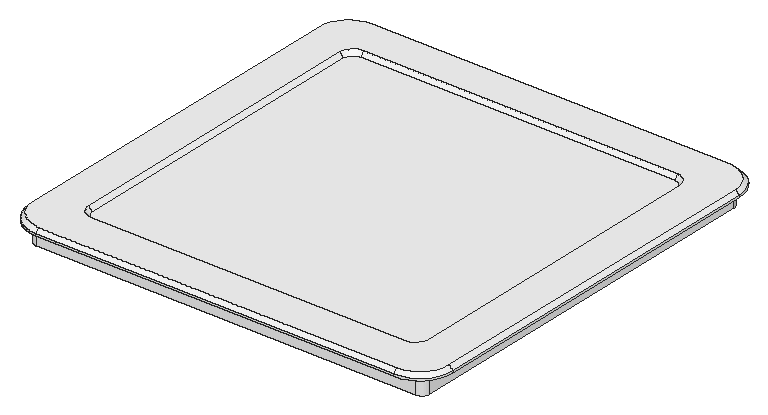
Revit family "0053877 Sylvania Lighting Fixture START eco Downlight Flat Sq 1400lm 830", category Lighting Fixtures, host Face, Revit 2016
Family settings
  Host = Face
  Part Type = Normal
  Round Connector Dimension = Use Diameter
  OmniClass Number = 23.80.70.11.14.11
  OmniClass Title = Downlights
  Cut with Voids When Loaded = No
  Light Source = Yes
  Shared = No
  Room Calculation Point = No
Parameters (values of type "0053877 START eco Downlight Flat Sq 1400lm 830 ")
  Weight = "6.928 kg"
  Wattage Comments = "n/a"
  Wattage = 17 W
  WarrantyStartDate [instance] = "n/a"
  WarrantyGuarantorParts = "n/a"
  WarrantyDurationUnit = "year"
  WarrantyDurationParts = "n/a"
  WarrantyDescription = "n/a"
  built-in parameter 1150110 = 1 (stored number, unit not read)
  Voltage = 230 V
  URL = "http://www.feilosylvania.com"
  TypeName = "START eco Downlight Flat Sq 1400lm 830"
  Type Image = <None>
  Type Comments = "n/a"
  built-in parameter 1114217 = 1 (stored number, unit not read)
  Tilt Angle = -90.00°
  built-in parameter 1150109 = 1 (stored number, unit not read)
  built-in parameter 1150134 = (empty or 0)
  built-in parameter 1150113 = 1 (stored number, unit not read)
  SerialNumber [instance] = "n/a"
  RadiusRimII_FEILO = RadiusRimI_FEILO + 2 mm  # 17 mm
  RadiusRimI_FEILO = 15 mm
  ReflectorMaterial = none
  RadiusRecessedI_FEILO = 4 mm
  RecessedHeight_FEILO = 27 mm
  RecessedDiameter_FEILO = 205 mm
  RadiusRecessedII_FEILO = 10 mm
  RadiusDiffuserII_FEILO = 5 mm
  RadiusDiffuserI_FEILO = 7 mm
  PowerFactor = 0
  PowerConsumption = "17 W"
  Photometric Web File = "0053292.ies"
  NominalLength = 225 mm
  NominalHeight = 27 mm
  NominalDepth = 225 mm
  Name = "START eco Downlight Flat Sq 1400lm 830"
  ModelReference = Name  # "START eco Downlight Flat Sq 1400lm 830"
  ModelNumber = "0053877"
  Model = Name  # "START eco Downlight Flat Sq 1400lm 830"
  Material = "Polycarbonate"
  ManufacturerName = "Feilo Sylvania"
  Manufacturer = "Feilo Sylvania"
  LuminousEfficacy = "72 lm/W"
  built-in parameter 1150105 = 420.55 (stored number, unit not read)
  Lumens = 1224 lm
  LuminaireType = "LED recessed downlight"
  built-in parameter 1150115 = 1 (stored number, unit not read)
  LightOutputRatio = "1"
  built-in parameter 1150137 = (empty or 0)
  built-in parameter 1150139 = (empty or 0)
  LampsType = Lamp  # "LED"
  LampNominalLuminous = "1220 lm"
  LampMacAdamStep = "5"
  LampColourTemperature = "3000 K"
  LampColourRenderingIndex = "80"
  built-in parameter 1150112 = 1 (stored number, unit not read)
  built-in parameter 1150114 = 1 (stored number, unit not read)
  Lamp = "LED"
  Keynote = "16500"
  InstallationDate [instance] = "n/a"
  InputVoltage = "220-240V~"
  InputNominalFrequency = "50/60 Hz"
  built-in parameter 1150132 = (empty or 0)
  built-in parameter 1150102 = (empty or 0)
  built-in parameter 1150107 = 3000 (stored number, unit not read)
  built-in parameter 1150138 = (empty or 0)
  IngressProtection = "IP20"
  ImpactProtectionIndex = "IK06"
  built-in parameter 1150106 = 4.2055 (stored number, unit not read)
  IfcExportType = "IfcLightFixtureType"
  IfcExportAs = "IfcLightFixtureType"
  ExpectedLife = 50000
  Emit from Rectangle Width = BodyLength_FEILO - 48 mm  # 172 mm
  Emit from Rectangle Length = BodyLength_FEILO - 48 mm  # 172 mm
  Emit Shape Visible in Rendering = no
  ElectricShockClassification = "Class II"
  built-in parameter 1150104 = 6.689 (stored number, unit not read)
  DurationUnit = "hours"
  DocumentationLiterature = "http://www.feilosylvania.com/product/en-int/products/0053292"
  DimmingControlOptions = "Non dimmable"
  Dimming Lamp Color Temperature Shift = <None>
  DiffuserMaterial = Diffuser-Sylvania-Glow
  Description = "Integrated square recessed 225mm x 225mm LED downlight providing uniform distribution with an opal diffuser, 110° beam angle, 1220LM, 17W, 72lm/W, 3000K, CRI80, non-dimmable, IP20, IK06, 25,000hrs (L70)"
  Default Elevation = 1219.2 mm
  CutoutHeight_FEILO = RecessedHeight_FEILO + 10 mm  # 37 mm
  CreatedOn = "'03-11-2017"
  CreatedBy = "aron.fodor@feilosylvania.com"
  Cost = 0
  Color Filter = 16777215
  built-in parameter 1114216 [instance] = (empty or 0)
  ClassificationValue = "EF_70_80"
  ClassificationName = "Uniclass2015"
  BodyWidth_FEILO = BodyLength_FEILO  # 220 mm
  BodyMaterial = Body-Sylvania-SylFlatDimmable-White
  BodyLength_FEILO = 220 mm
  BarCode [instance] = "n/a"
  built-in parameter 1114218 = 1 (stored number, unit not read)
  built-in parameter 1150133 = 10 (stored number, unit not read)
  AssetType = "Fixed"
  AssetIdentifier [instance] = "n/a"
  Assembly Code = "D5020200"
  Apparent Load = 0 VA
  AccessoryMaterial = Diffuser-Sylvania-Glow
Reference planes
  plane 1 "Center (Front/Back)": y = 0
  plane 2: z = 0
  plane 3 "Center (Left/Right)": x = 0
  plane 4: x = 110
  plane 5: x = -110
  plane 6: y = 110
  plane 7: y = -110
  plane 8: z = 3
  plane 9: z = -27
  plane 10: x = 102.5
  plane 11: x = -102.5
  plane 12: y = 102.5
  plane 13: y = -102.5
  plane 14: z = 2
  plane 15: x = -88.5
  plane 16: z = -27
  plane 17: z = -37
  plane 18: x = -78.5
  plane 19: z = -10
  plane 20: z = 1
  plane 21: x = -108
  plane 22: x = -86.5
  plane 23: y = 88.5
  plane 24: y = -88.5
  plane 25: x = 88.5
  plane 26: x = 86.5
  plane 27: y = 86.5
  plane 28: y = -86.5
  plane 29: y = 78.5
  plane 30: x = 78.5
  plane 31: y = -78.5
  plane 32: y = 108
  plane 33: x = 108
  plane 34: y = -108
Forms (mm)
  Extrusion 1, void
    sketch origin (0, 0, 0) x (1, 0, 0) y (0, 1, 0)
      loop
        line (-102.5, 102.5) -> (-102.5, -102.5) -> (102.5, -102.5) -> (102.5, 102.5) -> (-102.5, 102.5)
    from -37 to 0
  Blend 2, solid, material "Body-Sylvania-SylFlatDimmable-White" <- "BodyMaterial"
    base sketch origin (1223.4, -4572, 3) x (0, -1, 0) y (1, 0, 0)
      loop
        arc (-4680, -1316.4) -> (-4675.607, -1327.007) -> (-4665, -1331.4) r 15
        line (-4665, -1331.4) -> (-4479, -1331.4)
        arc (-4479, -1331.4) -> (-4468.393, -1327.007) -> (-4464, -1316.4) r 15
        line (-4464, -1316.4) -> (-4464, -1130.4)
        arc (-4464, -1130.4) -> (-4468.393, -1119.793) -> (-4479, -1115.4) r 15
        line (-4479, -1115.4) -> (-4665, -1115.4)
        arc (-4665, -1115.4) -> (-4675.607, -1119.793) -> (-4680, -1130.4) r 15
        line (-4680, -1130.4) -> (-4680, -1316.4)
    top sketch origin (1223.4, -4572, 3) x (0, -1, 0) y (1, 0, 0)
      loop
        arc (-4682, -1316.4) -> (-4677.021, -1328.421) -> (-4665, -1333.4) r 17
        line (-4665, -1333.4) -> (-4479, -1333.4)
        arc (-4479, -1333.4) -> (-4466.979, -1328.421) -> (-4462, -1316.4) r 17
        line (-4462, -1316.4) -> (-4462, -1130.4)
        arc (-4462, -1130.4) -> (-4466.979, -1118.379) -> (-4479, -1113.4) r 17
        line (-4479, -1113.4) -> (-4665, -1113.4)
        arc (-4665, -1113.4) -> (-4677.021, -1118.379) -> (-4682, -1130.4) r 17
        line (-4682, -1130.4) -> (-4682, -1316.4)
    from 0 to -2
  Extrusion 3, solid, material "Body-Sylvania-SylFlatDimmable-White" <- "BodyMaterial"
    sketch origin (1223.4, -4572, 1) x (0, -1, 0) y (-1, 0, 0)
      loop
        arc (-4665, 1333.4) -> (-4677.021, 1328.421) -> (-4682, 1316.4) r 17
        line (-4682, 1316.4) -> (-4682, 1130.4)
        arc (-4682, 1130.4) -> (-4677.021, 1118.379) -> (-4665, 1113.4) r 17
        line (-4665, 1113.4) -> (-4479, 1113.4)
        arc (-4479, 1113.4) -> (-4466.979, 1118.379) -> (-4462, 1130.4) r 17
        line (-4462, 1130.4) -> (-4462, 1316.4)
        arc (-4462, 1316.4) -> (-4466.979, 1328.421) -> (-4479, 1333.4) r 17
        line (-4479, 1333.4) -> (-4665, 1333.4)
    from 0 to 1
  Extrusion 4, solid, material "Body-Sylvania-SylFlatDimmable-White" <- "BodyMaterial"
    sketch origin (0, 0, 0) x (1, 0, 0) y (0, 1, 0)
      loop
        arc (-98.5, 102.5) -> (-101.328, 101.328) -> (-102.5, 98.5) r 4
        line (-102.5, 98.5) -> (-102.5, -98.5)
        arc (-102.5, -98.5) -> (-101.328, -101.328) -> (-98.5, -102.5) r 4
        line (-98.5, -102.5) -> (98.5, -102.5)
        arc (98.5, -102.5) -> (101.328, -101.328) -> (102.5, -98.5) r 4
        line (102.5, -98.5) -> (102.5, 98.5)
        arc (102.5, 98.5) -> (101.328, 101.328) -> (98.5, 102.5) r 4
        line (98.5, 102.5) -> (-98.5, 102.5)
    from 0 to -10
  Blend 5, solid, material "Body-Sylvania-SylFlatDimmable-White" <- "BodyMaterial"
    base sketch origin (1223.4, -4572, -10) x (0, -1, 0) y (1, 0, 0)
      loop
        arc (-4660.5, -1301.9) -> (-4657.571, -1308.971) -> (-4650.5, -1311.9) r 10
        line (-4650.5, -1311.9) -> (-4493.5, -1311.9)
        arc (-4493.5, -1311.9) -> (-4486.429, -1308.971) -> (-4483.5, -1301.9) r 10
        line (-4483.5, -1301.9) -> (-4483.5, -1144.9)
        arc (-4483.5, -1144.9) -> (-4486.429, -1137.829) -> (-4493.5, -1134.9) r 10
        line (-4493.5, -1134.9) -> (-4650.5, -1134.9)
        arc (-4650.5, -1134.9) -> (-4657.571, -1137.829) -> (-4660.5, -1144.9) r 10
        line (-4660.5, -1144.9) -> (-4660.5, -1301.9)
    top sketch origin (1223.4, -4572, -10) x (0, -1, 0) y (1, 0, 0)
      loop
        arc (-4650.5, -1291.9) -> (-4647.571, -1298.971) -> (-4640.5, -1301.9) r 10
        line (-4640.5, -1301.9) -> (-4503.5, -1301.9)
        arc (-4503.5, -1301.9) -> (-4496.429, -1298.971) -> (-4493.5, -1291.9) r 10
        line (-4493.5, -1291.9) -> (-4493.5, -1154.9)
        arc (-4493.5, -1154.9) -> (-4496.429, -1147.829) -> (-4503.5, -1144.9) r 10
        line (-4503.5, -1144.9) -> (-4640.5, -1144.9)
        arc (-4640.5, -1144.9) -> (-4647.571, -1147.829) -> (-4650.5, -1154.9) r 10
        line (-4650.5, -1154.9) -> (-4650.5, -1291.9)
    from 0 to -17
  Blend 6, void
    base sketch origin (1223.4, -4572, 3) x (-1, 0, 0) y (0, -1, 0)
      loop
        arc (1304.9, -4660.5) -> (1309.85, -4658.45) -> (1311.9, -4653.5) r 7
        line (1311.9, -4653.5) -> (1311.9, -4490.5)
        arc (1311.9, -4490.5) -> (1309.85, -4485.55) -> (1304.9, -4483.5) r 7
        line (1304.9, -4483.5) -> (1141.9, -4483.5)
        arc (1141.9, -4483.5) -> (1136.95, -4485.55) -> (1134.9, -4490.5) r 7
        line (1134.9, -4490.5) -> (1134.9, -4653.5)
        arc (1134.9, -4653.5) -> (1136.95, -4658.45) -> (1141.9, -4660.5) r 7
        line (1141.9, -4660.5) -> (1304.9, -4660.5)
    top sketch origin (1223.4, -4572, 3) x (-1, 0, 0) y (0, -1, 0)
      loop
        arc (1304.9, -4658.5) -> (1308.436, -4657.036) -> (1309.9, -4653.5) r 5
        line (1309.9, -4653.5) -> (1309.9, -4490.5)
        arc (1309.9, -4490.5) -> (1308.436, -4486.964) -> (1304.9, -4485.5) r 5
        line (1304.9, -4485.5) -> (1141.9, -4485.5)
        arc (1141.9, -4485.5) -> (1138.364, -4486.964) -> (1136.9, -4490.5) r 5
        line (1136.9, -4490.5) -> (1136.9, -4653.5)
        arc (1136.9, -4653.5) -> (1138.364, -4657.036) -> (1141.9, -4658.5) r 5
        line (1141.9, -4658.5) -> (1304.9, -4658.5)
    from 0 to -2
Cuts and joins
  Blend 6 cuts Blend 2
Dimensions and locks
  equal spacing: plane 5, plane 3 "Center (Left/Right)", plane 4
  equal spacing: plane 7, plane 1 "Center (Front/Back)", plane 6
  "BodyWidth_FEILO": plane 7 to plane 6
  "BodyLength_FEILO": plane 5 to plane 4
  locked: plane 8 to plane 2 at 3
  equal spacing: plane 11, plane 3 "Center (Left/Right)", plane 10
  "RecessedDiameter_FEILO": plane 11 to plane 10
  equal spacing: plane 13, plane 1 "Center (Front/Back)", plane 12
  "RecessedDiameter_FEILO": plane 13 to plane 12
  locked: plane 14 to plane 2 at 2
  "RecessedHeight_FEILO": plane 2 to plane 16
  "CutoutHeight_FEILO": plane 2 to plane 17
  locked: plane 2 to plane 19 at 10
  locked: plane 20 to plane 2 at 1
  locked: plane 5 to plane 21 at 2
  locked: plane 11 to plane 15 at 14
  locked: plane 15 to plane 22 at 2
  locked: plane 22 to plane 18 at 8
  locked: plane 23 to plane 12 at 14
  locked: plane 27 to plane 23 at 2
  locked: plane 29 to plane 27 at 8
  equal spacing: plane 18, plane 3 "Center (Left/Right)", plane 30
  equal spacing: plane 22, plane 3 "Center (Left/Right)", plane 26
  equal spacing: plane 15, plane 3 "Center (Left/Right)", plane 25
  equal spacing: plane 31, plane 1 "Center (Front/Back)", plane 29
  equal spacing: plane 28, plane 1 "Center (Front/Back)", plane 27
  equal spacing: plane 24, plane 1 "Center (Front/Back)", plane 23
  equal spacing: plane 34, plane 1 "Center (Front/Back)", plane 32
  locked: plane 32 to plane 6 at 2
  equal spacing: plane 21, plane 3 "Center (Left/Right)", plane 33
  "RadiusRimI_FEILO": radius of Blend 2 sketch curve  (x4)
  "RadiusRimII_FEILO": radius of Blend 2 sketch curve  (x4)
  "RadiusRecessedI_FEILO": radius of Extrusion 4 sketch curve  (x4)
  "RadiusRecessedII_FEILO": radius of Blend 5 sketch curve  (x8)
  "RadiusDiffuserI_FEILO": radius of Blend 6 sketch curve  (x4)
  "RadiusDiffuserII_FEILO": radius of Blend 6 sketch curve  (x4)
  aligned and locked: plane 2 to host face
  aligned and locked: level to host face
  aligned and locked: plane 3 "Center (Left/Right)" to imposter light
  aligned and locked: imposter light to plane 14
  aligned and locked: imposter light to plane 1 "Center (Front/Back)"
  aligned and locked: plane 12 to Extrusion 1 sketch curve
  aligned and locked: plane 11 to Extrusion 1 sketch curve
  aligned and locked: Extrusion 1 sketch curve to plane 13
  aligned and locked: Extrusion 1 sketch curve to plane 10
  aligned and locked: plane 17 to Extrusion 1
  aligned and locked: level to Extrusion 1
  aligned and locked: Blend 2 sketch curve to plane 21
  aligned and locked: plane 34 to Blend 2 sketch curve
  aligned and locked: plane 33 to Blend 2 sketch curve
  aligned and locked: plane 32 to Blend 2 sketch curve
  aligned and locked: Blend 2 sketch curve to plane 6
  aligned and locked: Blend 2 sketch curve to plane 5
  aligned and locked: plane 7 to Blend 2 sketch curve
  aligned and locked: plane 4 to Blend 2 sketch curve
  aligned and locked: plane 20 to Blend 2
  aligned and locked: Blend 2 to plane 8
  aligned and locked: Extrusion 3 sketch curve to Blend 2  (x4)
  aligned and locked: Extrusion 3 to plane 20
  aligned and locked: Extrusion 3 to level
  aligned and locked: plane 12 to Extrusion 4 sketch curve
  aligned and locked: plane 11 to Extrusion 4 sketch curve
  aligned and locked: Extrusion 4 sketch curve to plane 13
  aligned and locked: Extrusion 4 sketch curve to plane 10
  aligned and locked: level to Extrusion 4
  aligned and locked: plane 19 to Extrusion 4
  aligned and locked: Blend 5 sketch curve to plane 15
  aligned and locked: plane 24 to Blend 5 sketch curve
  aligned and locked: plane 25 to Blend 5 sketch curve
  aligned and locked: plane 23 to Blend 5 sketch curve
  aligned and locked: Blend 5 sketch curve to plane 29
  aligned and locked: Blend 5 sketch curve to plane 18
  aligned and locked: plane 31 to Blend 5 sketch curve
  aligned and locked: plane 30 to Blend 5 sketch curve
  aligned and locked: plane 19 to Blend 5
  aligned and locked: plane 9 to Blend 5
  aligned and locked: Blend 6 sketch curve to plane 24
  aligned and locked: Blend 6 sketch curve to plane 25
  aligned and locked: plane 23 to Blend 6 sketch curve
  aligned and locked: plane 15 to Blend 6 sketch curve
  aligned and locked: Blend 6 sketch curve to plane 28
  aligned and locked: Blend 6 sketch curve to plane 26
  aligned and locked: plane 27 to Blend 6 sketch curve
  aligned and locked: plane 22 to Blend 6 sketch curve
  aligned and locked: plane 20 to Blend 6
  aligned and locked: Blend 6 to plane 8
Automatic sketch dimensions
  host sketch curve to host sketch curve = 2438.4 mm  (x2)
Connectors
  electrical at (0, 0, 0), driven by "Apparent Load", driven by "PowerFactor", driven by "Voltage"
    settings: index 1, voltage 230 V, apparent load 0 VA, apparent load phase1 0 VA, apparent load phase2 0 VA, apparent load phase3 0 VA, power factor 0, load classification "Lighting", number of poles 1, system type 30, power factor state 1, is connector primary yes, connector utility no, sub classification motor no, connector description ""
